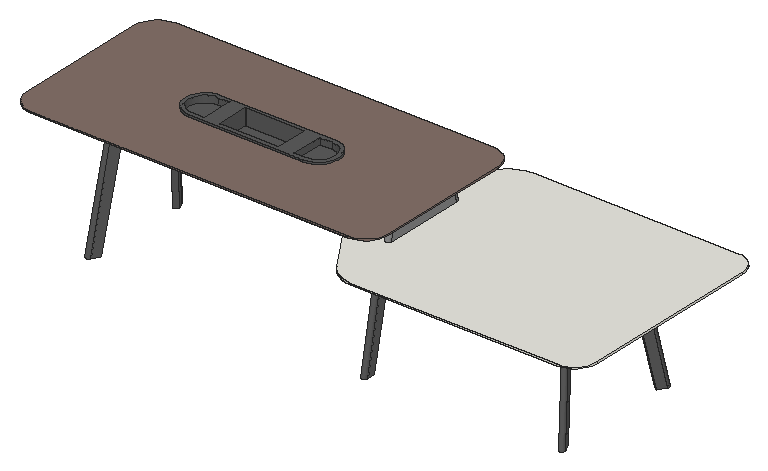
Revit family "Haworth_Immerse_ShiftTable_RectangleRectangle", category Furniture Systems, Revit 2018
Family settings
  Round Connector Dimension = Use Diameter
  Part Type = Normal
  OmniClass Number = 23.40.70.14.64.21
  OmniClass Title = Systems Furniture
  Work Plane-Based = No
  Always vertical = Yes
  Cut with Voids When Loaded = No
  Shared = No
  Room Calculation Point = No
Parameters (values of type "60d 84w 48d 96w 29h - Oblong Planter")
  Warranty = "http://www.haworth.com/resources/product-info/warranties"
  Void Baseline Height = 18"  # constant formula
  Upper Top Finish [instance] = Haworth _ Wood _ Walnut
  Understructure Finish [instance] = Haworth _ Paint _ Black
  URL - Product = "http://www.haworth.com/products/tables/collaborative/immerse"
  Standard Size = "60d 84w, 48d 96w"  # constant formula
  Standard Height = "29, 36 in"  # constant formula
  Stack Spacer Finish [instance] = Haworth _ Paint _ Graphite
  Size = "Verify Final Dim. w/ Haworth"  # constant formula
  Planter Finish [instance] = Haworth _ Paint _ Black
  Oblong Planter Void Height = if(Oblong Planter, 22", 6")  # 22"
  Oblong Planter = yes
  Model = "THRR-60F6"  # constant formula
  URL = "https://www.haworth.com/na/en.html"
  Revision Number = "1"  # constant formula
  Manufacturer = "Haworth"  # constant formula
  Lower Top Finish [instance] = Haworth _ Paint _ Polar
  Leg Finish [instance] = Haworth _ Wood _ Ink On Ash
  Description = "Haworth Immerse Shift Table Rectangle Rectangle - 60d 84w 48d 96w 29h - Oblong Planter"
  Author = "Haworth (Bentzen)"  # constant formula
  Assembly Code = "E2020200"
  Actual Width = 156"  # constant formula
  Actual Height = 29"  # constant formula
  Actual Depth = 60"  # constant formula
Types (3): name | Oblong Planter Void Height | Oblong Planter | Description
  (no name) | 22" | yes | "Haworth Immerse Shift Table Rectangle Rectangle - 60d 84w 48d 96w 29h - Oblong Planter"
  60d 84w 48d 96w 29h - No Planter | 6" | no | "Haworth Immerse Shift Table Rectangle Rectangle - 60d 84w 48d 96w 29h - No Planter"
  60d 84w 48d 96w 29h - Oblong Planter | 22" | yes | "Haworth Immerse Shift Table Rectangle Rectangle - 60d 84w 48d 96w 29h - Oblong Planter"
Reference planes (in)
  plane 1 "Center F/B": y = 18.84134
  plane 2 "Floor": z = 0
  plane 3 "Center L/R": x = -31.5
  plane 4 "Table Edge Left": x = -109.5
  plane 5 "Table Edge Right": x = 46.5
  plane 6 "Table Edge Front": y = -11.15866
  plane 7 "Table Edge Back": y = 48.84134
  plane 8 "Round Top": z = 29
  plane 9 "Rect Back": y = 42.84134
  plane 10 "Rect Front": y = -5.15866
  plane 11 "Rect Left": x = -13.5
  plane 12 "Rect Top": z = 35.751
  plane 13 "Rect Mid": z = 35.41808
  plane 14 "Rect Bottom": z = 34.571
  plane 15 "Round Center": x = -1.5
  plane 16 "Lower Void Top": z = 40
  plane 17 "Void Bottom": z = 18
  plane 18 "Upper Void Top": z = 42
  plane 19 "Oblong Mid": x = -61.52883
  plane 20: y = 40.84134
  plane 21: y = -3.15866
  plane 22: x = -107.5
  plane 23: x = -15.5
  plane 24: x = -29.5
  plane 25: through (-30.18646, 30.57087, 48) normal (-0.8358, 0.549, 0)
  plane 26: through (-70.34093, -34.2013, 48) normal (-0.8358, 0.549, 0)
  plane 27: through (-30.18646, 7.11182, 48) normal (0.8358, 0.549, 0)
  plane 28: through (-70.34093, 71.88399, 48) normal (0.8358, 0.549, 0)
  plane 29: y = 46.84134
  plane 30: y = -9.15866
  plane 31: x = 44.5
  plane 32: x = 40.5
  plane 33: x = -92.22396
  plane 34: x = -90.684
  plane 35: x = -22.58528
  plane 36: x = -21.39764
  plane 37: x = -20.29496
  plane 38: x = -18.50645
  plane 39: x = 27.054
  plane 40: x = 28.59396
  plane 41: through (26.98937, 29.27058, 48) normal (0.5, 0.866, 0)
  plane 42: through (26.98937, 8.4121, 48) normal (-0.5, 0.866, 0)
  plane 43: through (-91.9616, 25.8355, 48) normal (-0.5, 0.866, 0)
  plane 44: through (-91.9616, 11.84718, 48) normal (0.5, 0.866, 0)
  plane 45: y = 29.42298
  plane 46: y = 27.88302
  plane 47: y = 8.2597
  plane 48: y = 9.79966
  plane 49: y = 26.76666
  plane 50: y = 25.10434
  plane 51: y = 10.91603
  plane 52: y = 12.57834
  plane 53: through (-97.92758, 35.70661, 48) normal (0.866, 0.5, 0)
  plane 54: through (-96.19737, 36.70555, 48) normal (0.8642, 0.5032, 0)
  plane 55: through (-97.92758, 1.97607, 48) normal (-0.866, 0.5, 0)
  plane 56: through (-96.19737, 0.97713, 48) normal (-0.8642, 0.5032, 0)
  plane 57: through (31.57814, 37.65066, 48) normal (0.8637, -0.504, 0)
  plane 58: through (33.19737, 36.70555, 48) normal (0.8642, -0.5032, 0)
  plane 59: through (34.92758, 1.97607, 48) normal (-0.866, -0.5, 0)
  plane 60: through (33.19737, 0.97713, 48) normal (-0.8642, -0.5032, 0)
  plane 61: through (-90.77122, 26.81144, 48) normal (0.5, -0.866, 0)
  plane 62: through (-90.77122, 10.87124, 48) normal (-0.5, -0.866, 0)
  plane 63: z = 31.82097
  plane 64: z = 29
  plane 65: z = 28.66709
  plane 66: z = 27.82
  plane 67: z = 25.56798
Forms (in)
  Extrusion 1, solid, material "Haworth _ Wood _ Walnut" <- "Upper Top Finish"
    sketch origin (0, 0, 37.5) x (-1, 0, 0) y (0, -1, 0)
      loop
        line (19.5, -42.84134) -> (103.5, -42.84134)
        arc (103.5, -42.84134) -> (107.74264, -41.08398) -> (109.5, -36.84134) r 6
        line (109.5, -36.84134) -> (109.5, -0.84134)
        arc (109.5, -0.84134) -> (107.74264, 3.4013) -> (103.5, 5.15866) r 6
        line (103.5, 5.15866) -> (19.5, 5.15866)
        arc (19.5, 5.15866) -> (15.25736, 3.4013) -> (13.5, -0.84134) r 6
        line (13.5, -0.84134) -> (13.5, -18.84134) -> (13.5, -36.84134)
        arc (13.5, -36.84134) -> (15.25736, -41.08398) -> (19.5, -42.84134) r 6
    from -2.08192 to -1.749
  Blend 2, solid, material "Haworth _ Wood _ Walnut" <- "Upper Top Finish"
    base sketch origin (0, 0, 35.41808) x (0, -1, 0) y (1, 0, 0)
      loop
        arc (-40.84134, -103.5) -> (-39.66977, -106.32843) -> (-36.84134, -107.5) r 4
        line (-36.84134, -107.5) -> (-0.84134, -107.5)
        arc (-0.84134, -107.5) -> (1.98709, -106.32843) -> (3.15866, -103.5) r 4
        line (3.15866, -103.5) -> (3.15866, -19.5)
        arc (3.15866, -19.5) -> (1.98709, -16.67157) -> (-0.84134, -15.5) r 4
        line (-0.84134, -15.5) -> (-36.84134, -15.5)
        arc (-36.84134, -15.5) -> (-39.66977, -16.67157) -> (-40.84134, -19.5) r 4
        line (-40.84134, -19.5) -> (-40.84134, -103.5)
    top sketch origin (0, 0, 35.41808) x (0, -1, 0) y (1, 0, 0)
      loop
        line (-42.84134, -19.5) -> (-42.84134, -103.5)
        arc (-42.84134, -103.5) -> (-41.08398, -107.74264) -> (-36.84134, -109.5) r 6
        line (-36.84134, -109.5) -> (-0.84134, -109.5)
        arc (-0.84134, -109.5) -> (3.4013, -107.74264) -> (5.15866, -103.5) r 6
        line (5.15866, -103.5) -> (5.15866, -19.5)
        arc (5.15866, -19.5) -> (3.4013, -15.25736) -> (-0.84134, -13.5) r 6
        line (-0.84134, -13.5) -> (-18.84134, -13.5) -> (-36.84134, -13.5)
        arc (-36.84134, -13.5) -> (-41.08398, -15.25736) -> (-42.84134, -19.5) r 6
    from -0.84708 to 0
  Extrusion 3, solid, material "Haworth _ Paint _ Polar" <- "Lower Top Finish"
    sketch origin (0, 0, 35.41808) x (0, -1, 0) y (1, 0, 0)
      loop
        arc (-48.84134, -13.86844) -> (-47.88185, -17.66728) -> (-45.23353, -20.55489) r 7.99999
        line (-45.23353, -20.55489) -> (-30.57087, -30.18646)
        arc (-30.57087, -30.18646) -> (-28.47088, -31.16458) -> (-26.17868, -31.5) r 8
        line (-26.17868, -31.5) -> (-11.504, -31.5)
        arc (-11.504, -31.5) -> (-9.2118, -31.16458) -> (-7.11182, -30.18646) r 8
        line (-7.11182, -30.18646) -> (7.55085, -20.55489)
        arc (7.55085, -20.55489) -> (10.19917, -17.66728) -> (11.15866, -13.86844) r 7.99999
        line (11.15866, -13.86844) -> (11.15866, 40.5)
        arc (11.15866, 40.5) -> (9.4013, 44.74264) -> (5.15866, 46.5) r 6
        line (5.15866, 46.5) -> (-42.84134, 46.5)
        arc (-42.84134, 46.5) -> (-47.08398, 44.74264) -> (-48.84134, 40.5) r 6
        line (-48.84134, 40.5) -> (-48.84134, -13.86844)
    from -6.751 to -6.41808
  Blend 4, solid, material "Haworth _ Paint _ Polar" <- "Lower Top Finish"
    base sketch origin (0, 0, 35.87445) x (0, -1, 0) y (1, 0, 0)
      loop
        arc (-46.84134, -13.88642) -> (-46.01758, -16.92065) -> (-43.77248, -19.12172) r 5.99999
        line (-43.77248, -19.12172) -> (-29.47282, -28.51484)
        arc (-29.47282, -28.51484) -> (-27.89783, -29.24844) -> (-26.17868, -29.5) r 6
        line (-26.17868, -29.5) -> (-11.504, -29.5)
        arc (-11.504, -29.5) -> (-9.78485, -29.24844) -> (-8.20986, -28.51484) r 6
        line (-8.20986, -28.51484) -> (6.0898, -19.12172)
        arc (6.0898, -19.12172) -> (8.3349, -16.92065) -> (9.15866, -13.88642) r 5.99999
        line (9.15866, -13.88642) -> (9.15866, 40.5)
        arc (9.15866, 40.5) -> (7.98709, 43.32843) -> (5.15866, 44.5) r 4
        line (5.15866, 44.5) -> (-42.84134, 44.5)
        arc (-42.84134, 44.5) -> (-45.66977, 43.32843) -> (-46.84134, 40.5) r 4
        line (-46.84134, 40.5) -> (-46.84134, -13.88642)
    top sketch origin (0, 0, 35.87445) x (0, -1, 0) y (1, 0, 0)
      loop
        line (-48.84134, 40.5) -> (-48.84134, -13.86844)
        arc (-48.84134, -13.86844) -> (-47.88185, -17.66728) -> (-45.23353, -20.55489) r 7.99999
        line (-45.23353, -20.55489) -> (-30.57087, -30.18646)
        arc (-30.57087, -30.18646) -> (-28.47088, -31.16458) -> (-26.17868, -31.5) r 8
        line (-26.17868, -31.5) -> (-11.504, -31.5)
        arc (-11.504, -31.5) -> (-9.2118, -31.16458) -> (-7.11182, -30.18646) r 8
        line (-7.11182, -30.18646) -> (7.55085, -20.55489)
        arc (7.55085, -20.55489) -> (10.19917, -17.66728) -> (11.15866, -13.86844) r 7.99999
        line (11.15866, -13.86844) -> (11.15866, 40.5)
        arc (11.15866, 40.5) -> (9.4013, 44.74264) -> (5.15866, 46.5) r 6
        line (5.15866, 46.5) -> (-42.84134, 46.5)
        arc (-42.84134, 46.5) -> (-47.08398, 44.74264) -> (-48.84134, 40.5) r 6
    from -8.05445 to -7.20736
  Extrusion 5, solid, material "Haworth _ Paint _ Black" <- "Understructure Finish"
    sketch origin (-44.27573, 18.84134, 0) x (1, 0, 0) y (0, 0, 1)
      loop
        line (-46.40828, 34.571) -> (-47.94823, 34.571) -> (-47.94823, 32.02353) -> (-46.40828, 32.02353) -> (-46.40828, 34.571)
    from -7.92532 to 7.92532
  Blend 6, solid, material "Haworth _ Wood _ Ink On Ash" <- "Leg Finish"
    base sketch origin (-77.66069, 46.98633, 35.87445) x (-0.5, 0.866025, 0) y (-0.866025, -0.5, 0)
      loop
        line (-4.90286, 22.96047) -> (-4.90286, 21.41047) -> (-2.64952, 21.41047)
        arc (-2.64952, 21.41047) -> (-1.87452, 22.18547) -> (-2.64952, 22.96047) r 0.775
        line (-2.64952, 22.96047) -> (-4.90286, 22.96047)
    top sketch origin (-77.66069, 46.98633, 35.87445) x (-0.5, 0.866025, 0) y (-0.866025, -0.5, 0)
      loop
        line (-10.91669, 22.96052) -> (-10.91669, 21.41042) -> (-8.31345, 21.41042)
        arc (-8.31345, 21.41042) -> (-7.5384, 22.18547) -> (-8.31345, 22.96052) r 0.77505
        line (-8.31345, 22.96052) -> (-10.91669, 22.96052)
    from -35.87445 to -1.30345
  Blend 7, solid, material "Haworth _ Paint _ Graphite" <- "Stack Spacer Finish"
    base sketch origin (2.88041, 0, 35.87445) x (0, -1, 0) y (1, 0, 0)
      loop
        line (-29.60909, -22.93693) -> (-8.07359, -22.93693)
        arc (-8.07359, -22.93693) -> (-7.29856, -22.16189) -> (-8.07359, -21.38686) r 0.77503
        line (-8.07359, -21.38686) -> (-29.60909, -21.38686)
        arc (-29.60909, -21.38686) -> (-30.38413, -22.16189) -> (-29.60909, -22.93693) r 0.77503
    top sketch origin (2.88041, 0, 35.87445) x (0, -1, 0) y (1, 0, 0)
      loop
        line (-28.279, -22.93693) -> (-9.40368, -22.93693)
        arc (-9.40368, -22.93693) -> (-8.62865, -22.16189) -> (-9.40368, -21.38686) r 0.77503
        line (-9.40368, -21.38686) -> (-28.279, -21.38686)
        arc (-28.279, -21.38686) -> (-29.05403, -22.16189) -> (-28.279, -22.93693) r 0.77503
    from -6.87445 to -1.30345
  Extrusion 8, solid, material "Haworth _ Paint _ Black" <- "Understructure Finish"
    sketch origin (-159.39858, 18.84134, 6.18805) x (1, 0, 0) y (0, 0, 1)
      loop
        line (186.45258, 19.37993) -> (186.45258, 21.63195) -> (140.89213, 21.63195) -> (140.89213, 19.37993) -> (186.45258, 19.37993)
    from 9.04168 to 10.58164
  Extrusion 9, solid, material "Haworth _ Paint _ Black" <- "Understructure Finish"
    sketch origin (-10.1209, 22.92602, 1.68807) x (1, 0, 0) y (0, 0, -1)
      loop
        line (-10.17406, -32.88293) -> (-10.17406, -30.1329) -> (-80.5631, -30.1329) -> (-80.5631, -32.88293) -> (-10.17406, -32.88293)
    from 2.17832 to 3.84063
  Extrusion 10, void
    sketch origin (0, 0, 18) x (-1, 0, 0) y (0, -1, 0)
      loop
        arc (76.59, -23.75316) -> (81.4, -18.94316) -> (76.59, -14.13316) r 4.81
        line (76.59, -14.13316) -> (46.20233, -14.13316)
        arc (46.20233, -14.13316) -> (41.39233, -18.94316) -> (46.20233, -23.75316) r 4.81
        line (46.20233, -23.75316) -> (76.59, -23.75316)
    from 0 to 22
  Extrusion 11, solid, material "Haworth _ Paint _ Black" <- "Understructure Finish"
    sketch origin (21.5635, 14.23741, 0) x (1, 0, 0) y (0, 0, 1)
      loop
        line (-40.06995, 27.82) -> (-41.85846, 27.82) -> (-41.85846, 25.56798) -> (-40.06995, 25.56798) -> (-40.06995, 27.82)
    from -15.18557 to 5.97771
  Extrusion 12, solid, material "Haworth _ Paint _ Black" <- "Understructure Finish"
    sketch origin (61.34438, 18.41855, 0) x (1, 0, 0) y (0, 0, 1)
      loop
        line (-32.75042, 27.82) -> (-34.29038, 27.82) -> (-34.29038, 25.56798) -> (-32.75042, 25.56798) -> (-32.75042, 27.82)
    from -11.00443 to 10.15885
  Extrusion 13, solid, material "Haworth _ Paint _ Black" <- "Understructure Finish"
    sketch origin (-15.07065, 17.97628, 1.68807) x (1, 0, 0) y (0, 0, -1)
      loop
        line (-5.22432, -32.88293) -> (-5.22432, -30.1329) -> (-75.61335, -30.1329) -> (-75.61335, -32.88293) -> (-5.22432, -32.88293)
    from -7.06025 to -5.39793
  Blend 14, solid, material "Haworth _ Wood _ Ink On Ash" <- "Leg Finish"
    base sketch origin (-77.66068, -9.30364, 35.87445) x (-0.5, -0.866025, 0) y (0.866025, -0.5, 0)
      loop
        line (-4.90286, -22.96047) -> (-2.64952, -22.96047)
        arc (-2.64952, -22.96047) -> (-1.87452, -22.18547) -> (-2.64952, -21.41047) r 0.775
        line (-2.64952, -21.41047) -> (-4.90286, -21.41047) -> (-4.90286, -22.96047)
    top sketch origin (-77.66068, -9.30364, 35.87445) x (-0.5, -0.866025, 0) y (0.866025, -0.5, 0)
      loop
        line (-10.91669, -22.96052) -> (-8.31345, -22.96052)
        arc (-8.31345, -22.96052) -> (-7.5384, -22.18547) -> (-8.31345, -21.41042) r 0.77505
        line (-8.31345, -21.41042) -> (-10.91669, -21.41042) -> (-10.91669, -22.96052)
    from -35.87445 to -1.30345
  Blend 15, solid, material "Haworth _ Wood _ Ink On Ash" <- "Leg Finish"
    base sketch origin (52.33202, 27.2445, 35.87445) x (0.5, 0.866025, 0) y (-0.866025, 0.5, 0)
      loop
        line (-4.90286, 22.96047) -> (-4.90286, 21.41047) -> (-2.64952, 21.41047)
        arc (-2.64952, 21.41047) -> (-1.87452, 22.18547) -> (-2.64952, 22.96047) r 0.775
        line (-2.64952, 22.96047) -> (-4.90286, 22.96047)
    top sketch origin (52.33202, 27.2445, 35.87445) x (0.5, 0.866025, 0) y (-0.866025, 0.5, 0)
      loop
        line (-10.91669, 22.96052) -> (-10.91669, 21.41042) -> (-8.31345, 21.41042)
        arc (-8.31345, 21.41042) -> (-7.53841, 22.18547) -> (-8.31345, 22.96052) r 0.77505
        line (-8.31345, 22.96052) -> (-10.91669, 22.96052)
    from -35.87445 to -8.05445
  Blend 16, solid, material "Haworth _ Wood _ Ink On Ash" <- "Leg Finish"
    base sketch origin (52.3321, 10.43824, 35.87445) x (0.5, -0.866025, 0) y (0.866025, 0.5, 0)
      loop
        line (-4.90286, -22.96047) -> (-2.64952, -22.96047)
        arc (-2.64952, -22.96047) -> (-1.87452, -22.18547) -> (-2.64952, -21.41047) r 0.775
        line (-2.64952, -21.41047) -> (-4.90286, -21.41047) -> (-4.90286, -22.96047)
    top sketch origin (52.3321, 10.43824, 35.87445) x (0.5, -0.866025, 0) y (0.866025, 0.5, 0)
      loop
        line (-10.91669, -22.96052) -> (-8.31345, -22.96052)
        arc (-8.31345, -22.96052) -> (-7.5384, -22.18547) -> (-8.31345, -21.41042) r 0.77505
        line (-8.31345, -21.41042) -> (-10.91669, -21.41042) -> (-10.91669, -22.96052)
    from -35.87445 to -8.05445
  Blend 17, solid, material "Haworth _ Wood _ Ink On Ash" <- "Leg Finish"
    base sketch origin (2.92058, -2.65699, 35.87445) x (0, -1, 0) y (1, 0, 0)
      loop
        line (-4.90286, -22.96047) -> (-2.64952, -22.96047)
        arc (-2.64952, -22.96047) -> (-1.87452, -22.18547) -> (-2.64952, -21.41047) r 0.775
        line (-2.64952, -21.41047) -> (-4.90286, -21.41047) -> (-4.90286, -22.96047)
    top sketch origin (2.92058, -2.65699, 35.87445) x (0, -1, 0) y (1, 0, 0)
      loop
        line (-10.91669, -22.96052) -> (-8.31345, -22.96052)
        arc (-8.31345, -22.96052) -> (-7.5384, -22.18547) -> (-8.31345, -21.41042) r 0.77505
        line (-8.31345, -21.41042) -> (-10.91669, -21.41042) -> (-10.91669, -22.96052)
    from -35.87445 to -8.05445
  Blend 18, solid, material "Haworth _ Wood _ Ink On Ash" <- "Leg Finish"
    base sketch origin (2.92058, 40.33967, 35.87445) x (0, 1, 0) y (-1, 0, 0)
      loop
        line (-4.90286, 22.96047) -> (-4.90286, 21.41047) -> (-2.64952, 21.41047)
        arc (-2.64952, 21.41047) -> (-1.87452, 22.18547) -> (-2.64952, 22.96047) r 0.775
        line (-2.64952, 22.96047) -> (-4.90286, 22.96047)
    top sketch origin (2.92058, 40.33967, 35.87445) x (0, 1, 0) y (-1, 0, 0)
      loop
        line (-10.91669, 22.96052) -> (-10.91669, 21.41042) -> (-8.31345, 21.41042)
        arc (-8.31345, 21.41042) -> (-7.5384, 22.18547) -> (-8.31345, 22.96052) r 0.77505
        line (-8.31345, 22.96052) -> (-10.91669, 22.96052)
    from -35.87445 to -8.05445
  Extrusion 19, solid, material "Haworth _ Paint _ Black" <- "Understructure Finish"
    sketch origin (-141.39858, 18.84134, 6.18805) x (1, 0, 0) y (0, 0, 1)
      loop
        line (169.99254, 19.37993) -> (169.99254, 21.63195) -> (122.89213, 21.63195) -> (122.89213, 19.37993) -> (169.99254, 19.37993)
    from -10.58164 to -9.04168
Cuts and joins
  Extrusion 10 cuts Extrusion 1
  Extrusion 10 cuts Blend 2
Lines and regions (in)
  Masking region 1
    outline origin (-13.30952, 24, 0) x (1, 0, 0) y (0, 1, 0)
      loop
        arc (-96.19048, -23.15866) -> (-94.43312, -27.4013) -> (-90.19048, -29.15866) r 6
        line (-90.19048, -29.15866) -> (-8.81674, -29.15866) -> (-7.24537, -31.55085)
        arc (-7.24537, -31.55085) -> (-4.15242, -34.20438) -> (-0.19048, -35.15866) r 8.70164
        line (-0.19048, -35.15866) -> (53.80952, -35.15866)
        arc (53.80952, -35.15866) -> (58.05216, -33.4013) -> (59.80952, -29.15866) r 6
        line (59.80952, -29.15866) -> (59.80952, 18.84134)
        arc (59.80952, 18.84134) -> (58.05216, 23.08398) -> (53.80952, 24.84134) r 6
        line (53.80952, 24.84134) -> (-0.19048, 24.84134)
        arc (-0.19048, 24.84134) -> (-4.15242, 23.88706) -> (-7.24537, 21.23353) r 8.70164
        line (-7.24537, 21.23353) -> (-8.81674, 18.84134) -> (-90.19048, 18.84134)
        arc (-90.19048, 18.84134) -> (-94.43312, 17.08398) -> (-96.19048, 12.84134) r 6
        line (-96.19048, 12.84134) -> (-96.19048, -23.15866)
  symbolic lines, style "Haworth Hidden", detail levels fine
    curve 1: line (-90.70947, 26.76666, 0) -> (-20.29496, 26.76666, 0)
    curve 2: line (-20.29496, 26.76666, 0) -> (-20.29496, 29.42298, 0)
    curve 3: line (-20.29496, 29.42298, 0) -> (-20.03994, 29.42298, 0)
    curve 4: line (-20.03994, 29.42298, 0) -> (-20.03994, 37.72501, 0)
    curve 5: line (-18.50645, 37.72501, 0) -> (-18.50645, 29.42298, 0)
    curve 6: line (-18.50645, 29.42298, 0) -> (27.07725, 29.42298, 0)
    curve 7: line (27.07725, 29.42298, 0) -> (31.12291, 36.43019, 0)
    curve 8: line (32.46525, 35.65518, 0) -> (28.59021, 28.9435, 0)
    curve 9: line (28.59021, 28.9435, 0) -> (28.59021, 8.73918, 0)
    curve 10: line (-94.87793, 33.98654, 0) -> (-90.70947, 26.76666, 0)
    curve 11: line (-96.22027, 33.21153, 0) -> (-92.22023, 26.28335, 0)
    curve 12: line (-92.22023, 26.28335, 0) -> (-92.22023, 11.39933, 0)
    curve 13: arc (-96.22027, 33.21153, 0) -> (-95.93661, 34.2702, 0) -> (-94.87793, 33.98654, 0) r 0.775
    curve 14: arc (-20.03994, 37.72501, 0) -> (-19.27319, 38.49175, 0) -> (-18.50645, 37.72501, 0) r 0.76675
    curve 15: arc (31.12291, 36.43019, 0) -> (32.18159, 36.71385, 0) -> (32.46525, 35.65518, 0) r 0.775
    curve 16: line (-90.70947, 10.91603, 0) -> (-20.29496, 10.91603, 0)
    curve 17: line (-20.29496, 10.91603, 0) -> (-20.29496, 8.2597, 0)
    curve 18: line (-20.29496, 8.2597, 0) -> (-20.03994, 8.2597, 0)
    curve 19: line (-20.03994, 8.2597, 0) -> (-20.03994, -0.04233, 0)
    curve 20: line (-18.50645, -0.04233, 0) -> (-18.50645, 8.2597, 0)
    curve 21: line (-18.50645, 8.2597, 0) -> (27.07725, 8.2597, 0)
    curve 22: line (27.07725, 8.2597, 0) -> (31.12291, 1.2525, 0)
    curve 23: line (32.46525, 2.0275, 0) -> (28.59021, 8.73918, 0)
    curve 24: line (-94.87793, 3.69615, 0) -> (-90.70947, 10.91603, 0)
    curve 25: line (-96.22027, 4.47115, 0) -> (-92.22023, 11.39933, 0)
    curve 26: arc (-96.22027, 4.47115, 0) -> (-95.93661, 3.41248, 0) -> (-94.87793, 3.69615, 0) r 0.775
    curve 27: arc (-20.03994, -0.04233, 0) -> (-19.27319, -0.80907, 0) -> (-18.50645, -0.04233, 0) r 0.76675
    curve 28: arc (31.12291, 1.2525, 0) -> (32.18159, 0.96883, 0) -> (32.46525, 2.0275, 0) r 0.775
    curve 29: line (-90.684, 12.57834, 0) -> (-90.684, 25.10434, 0)
    curve 30: line (-90.684, 25.10434, 0) -> (-20.29496, 25.10434, 0)
    curve 31: line (-20.29496, 12.57834, 0) -> (-90.684, 12.57834, 0)
    curve 32: line (-18.50645, 9.79966, 0) -> (-18.50645, 27.88302, 0)
    curve 33: line (-18.50645, 27.88302, 0) -> (27.054, 27.88302, 0)
    curve 34: line (27.054, 27.88302, 0) -> (27.054, 9.79966, 0)
    curve 35: line (27.054, 9.79966, 0) -> (-18.24934, 9.79966, 0)
    curve 36: line (-20.29496, 25.10434, 0) -> (-20.29496, 12.57834, 0)
  symbolic lines, style "Haworth Hidden"
    curve 37: line (-30.17809, 30.58363, 0) -> (-22.12626, 42.84134, 0)
    curve 38: line (-31.5, 26.5282, 0) -> (-31.5, 11.504, 0)
    curve 39: arc (-30.17809, 30.58363, 0) -> (-31.11043, 28.64438, 0) -> (-31.5, 26.5282, 0) r 8.11023
    curve 40: line (-30.17809, 7.09905, 0) -> (-22.12626, -5.15866, 0)
    curve 41: arc (-30.17809, 7.09905, 0) -> (-31.11043, 9.0383, 0) -> (-31.5, 11.15448, 0) r 8.11023
  symbolic lines, style "Haworth"
    curve 42: line (-22.12626, 42.84134, 0) -> (-19.5, 42.84134, 0)
    curve 43: arc (-19.5, 42.84134, 0) -> (-15.25736, 41.08398, 0) -> (-13.5, 36.84134, 0) r 6
    curve 44: line (-13.5, 36.84134, 0) -> (-13.5, 0.84134, 0)
    curve 45: line (-22.12626, -5.15866, 0) -> (-19.5, -5.15866, 0)
    curve 46: arc (-19.5, -5.15866, 0) -> (-15.25736, -3.4013, 0) -> (-13.5, 0.84134, 0) r 6
  symbolic lines, style "Haworth", visible <- "Oblong Planter"
    curve 47: line (-46.44554, 24.10434, 0) -> (-76.59, 24.10434, 0)
    curve 49: line (-76.59, 13.57834, 0) -> (-46.44554, 13.57834, 0)
    curve 50: arc (-46.44554, 13.57834, 0) -> (-41.18254, 18.84134, 0) -> (-46.44554, 24.10434, 0) r 5.263
  symbolic lines, style "Haworth", visible <- "Oblong Planter", detail levels fine
    curve 48: arc (-76.59, 24.10434, 0) -> (-81.853, 18.84134, 0) -> (-76.59, 13.57834, 0) r 5.263
Dimensions and locks (in)
  "Actual Depth": plane 7 "Table Edge Back" to plane 6 "Table Edge Front"
  "Actual Width": plane 4 "Table Edge Left" to plane 5 "Table Edge Right"
  equal spacing: plane 7 "Table Edge Back", plane 1 "Center F/B", plane 6 "Table Edge Front"
  "Void Baseline Height": plane 17 "Void Bottom" to plane 2 "Floor"
  "Oblong Planter Void Height": plane 16 "Lower Void Top" to plane 17 "Void Bottom"
  locked: plane 9 "Rect Back" to plane 20 at 2
  locked: plane 10 "Rect Front" to plane 21 at 2
  locked: plane 4 "Table Edge Left" to plane 22 at 2
  locked: plane 27 to plane 28 at 2
  locked: plane 7 "Table Edge Back" to plane 29 at 2
  locked: plane 30 to plane 6 "Table Edge Front" at 2
  locked: plane 23 to plane 11 "Rect Left" at 2
  locked: plane 25 to plane 26 at 2
  locked: plane 31 to plane 5 "Table Edge Right" at 2
  plane 35 to plane 36 = 1.18764"
  plane 37 to plane 38 = 1.78852"
  equal spacing: plane 4 "Table Edge Left", plane 3 "Center L/R", plane 5 "Table Edge Right"
  plane 3 "Center L/R" to plane 5 "Table Edge Right" = 78"
  "Actual Height": plane 64 to level
  plane 12 "Rect Top" to plane 13 "Rect Mid" to plane 14 "Rect Bottom" to plane 63 to plane 64 to plane 65 to plane 66 = 0.33292" locked, 0.84708" locked, 2.75003" locked, 2.82097" locked, 0.33291" locked, 0.84709" locked
  aligned and locked: plane 13 "Rect Mid" to Extrusion 1
  aligned and locked: plane 14 "Rect Bottom" to Blend 2
  aligned and locked: Blend 2 to plane 13 "Rect Mid"
  aligned and locked: Extrusion 10 to plane 17 "Void Bottom"
  aligned and locked: plane 16 "Lower Void Top" to Extrusion 10
  aligned and locked: nested 5 to plane 1 "Center F/B"
  aligned and locked: plane 19 "Oblong Mid" to nested 5
  aligned and locked: plane 9 "Rect Back" to cut or joined group of Extrusion 1, Extrusion 10  (x2)
  aligned and locked: plane 20 to cut or joined group of Blend 2, Extrusion 10
  aligned and locked: cut or joined group of Extrusion 1, Extrusion 10 to plane 4 "Table Edge Left"  (x2)
  aligned and locked: plane 10 "Rect Front" to cut or joined group of Extrusion 1, Extrusion 10  (x2)
  aligned and locked: plane 11 "Rect Left" to cut or joined group of Extrusion 1, Extrusion 10
  aligned and locked: cut or joined group of Blend 2, Extrusion 10 to plane 23
  aligned and locked: Extrusion 5 to plane 34
  aligned and locked: plane 33 to Extrusion 5
  aligned and locked: plane 37 to Extrusion 11
  aligned and locked: Extrusion 11 to plane 38
  aligned and locked: Extrusion 12 to plane 39
  aligned and locked: plane 40 to Extrusion 12
  aligned and locked: plane 50 to Extrusion 9
  aligned and locked: plane 34 to Extrusion 9
  aligned and locked: Extrusion 9 to plane 49
  aligned and locked: Extrusion 13 to plane 51
  aligned and locked: plane 52 to Extrusion 13
  aligned and locked: plane 34 to Extrusion 13
  aligned and locked: plane 43 to nested 2
  aligned and locked: plane 53 to nested 2
  aligned and locked: plane 61 to Blend 6
  aligned and locked: nested 1 to plane 44
  aligned and locked: nested 1 to plane 55
  aligned and locked: plane 62 to Blend 14
  aligned and locked: Extrusion 5 to plane 49
  aligned and locked: Extrusion 5 to plane 51
  aligned and locked: nested 4 to plane 41
  aligned and locked: Blend 15 to plane 41
  aligned and locked: plane 42 to nested 3
  aligned and locked: plane 45 to Extrusion 12
  aligned and locked: plane 47 to Extrusion 12
  aligned and locked: nested 6 to plane 45
  aligned and locked: plane 37 to nested 6
  aligned and locked: nested 7 to plane 47
  aligned and locked: nested 7 to plane 37
  aligned and locked: plane 47 to Blend 17
  aligned and locked: cut or joined group of Extrusion 1, Extrusion 10 to plane 12 "Rect Top"
  aligned and locked: plane 14 "Rect Bottom" to nested 2
  aligned and locked: Blend 14 to plane 14 "Rect Bottom"
  aligned and locked: Blend 6 to plane 14 "Rect Bottom"
  aligned and locked: plane 12 "Rect Top" to nested 5
  aligned and locked: plane 63 to Extrusion 13
  aligned and locked: plane 63 to Extrusion 9
  aligned and locked: Extrusion 13 to plane 14 "Rect Bottom"
  aligned and locked: Extrusion 9 to plane 14 "Rect Bottom"
  aligned and locked: plane 66 to Extrusion 11
  aligned and locked: Extrusion 11 to plane 67
  aligned and locked: Blend 7 to plane 38
  aligned and locked: nested 7 to plane 66
  aligned and locked: plane 66 to nested 6
  aligned and locked: plane 45 to Extrusion 11
  aligned and locked: Extrusion 11 to plane 47
  aligned and locked: nested 3 to plane 66
  aligned and locked: plane 66 to nested 4
  aligned and locked: Extrusion 12 to plane 67
  aligned and locked: plane 66 to Extrusion 12
  aligned and locked: Extrusion 13 to plane 37
  aligned and locked: Extrusion 9 to plane 37
  aligned and locked: Extrusion 8 to plane 67
  aligned and locked: plane 66 to Extrusion 8
  aligned and locked: plane 39 to Extrusion 8
  aligned and locked: plane 38 to Extrusion 8
  aligned and locked: Extrusion 8 to plane 47
  aligned and locked: Extrusion 8 to plane 48
  aligned and locked: plane 45 to Extrusion 19
  aligned and locked: Extrusion 19 to plane 46
  aligned and locked: plane 38 to Extrusion 19
  aligned and locked: plane 40 to Extrusion 19
  aligned and locked: plane 49 to curve 1
  aligned and locked: Masking region 1 to plane 4 "Table Edge Left"
  aligned and locked: plane 6 "Table Edge Front" to Masking region 1 sketch curve
  aligned and locked: nested 1 to plane 14 "Rect Bottom"
  aligned and locked: Blend 4 to plane 66
  aligned and locked: plane 65 to Blend 4
  aligned and locked: plane 66 to Blend 16
  aligned and locked: plane 66 to Blend 15
Automatic sketch dimensions
  Blend 15 sketch curve to plane 41 = 6.01383"
  Blend 15 sketch curve to Blend 15 sketch curve = 2.25334"
  Blend 15 sketch curve to plane 55 = 94.53395"
  Blend 15 sketch curve to Blend 15 sketch curve = 0.775"
  plane 41 to Blend 15 sketch curve = 0"
  Blend 15 sketch curve to plane 41 = 2.60324"
  Blend 15 sketch curve to plane 55 = 94.5339"
  Blend 15 sketch curve to Blend 15 sketch curve = 0.77505"
  plane 42 to Blend 16 sketch curve = 6.01383"
  Blend 16 sketch curve to Blend 16 sketch curve = 2.25334"
  plane 59 to Blend 16 sketch curve = 3.65663"
  Blend 16 sketch curve to Blend 16 sketch curve = 0.775"
  plane 42 to Blend 16 sketch curve = 0"
  Blend 16 sketch curve to Blend 16 sketch curve = 2.60324"
  plane 59 to Blend 16 sketch curve = 3.65668"
  Blend 16 sketch curve to Blend 16 sketch curve = 0.77505"
  Extrusion 1 sketch curve to plane 11 "Rect Left" = 0"
  plane 10 "Rect Front" to Extrusion 1 sketch curve = 0"
  Extrusion 1 sketch curve to plane 9 "Rect Back" = 0"
  Extrusion 1 sketch curve to plane 4 "Table Edge Left" = 0"
  plane 1 "Center F/B" to Extrusion 1 sketch curve = 0"
  Extrusion 1 sketch curve to plane 37 = 0.79496"  (x2)
  plane 20 to Extrusion 1 sketch curve = 4"
  plane 21 to Extrusion 1 sketch curve = 4"
  plane 20 to Blend 2 sketch curve = 0"
  Blend 2 sketch curve to plane 22 = 0"
  Blend 2 sketch curve to plane 23 = 0"
  Blend 2 sketch curve to plane 21 = 0"
  Blend 2 sketch curve to Blend 2 sketch curve = 4"
  Blend 2 sketch curve to plane 37 = 0.79496"  (x4)
  plane 21 to Blend 2 sketch curve = 4"  (x2)
  Blend 2 sketch curve to plane 9 "Rect Back" = 0"
  Blend 2 sketch curve to plane 4 "Table Edge Left" = 0"
  Blend 2 sketch curve to plane 11 "Rect Left" = 0"
  plane 1 "Center F/B" to Blend 2 sketch curve = 0"
  plane 10 "Rect Front" to Blend 2 sketch curve = 0"
  plane 20 to Blend 2 sketch curve = 4"
  Extrusion 3 sketch curve to plane 7 "Table Edge Back" = 0"
  Extrusion 3 sketch curve to plane 25 = 0"  (x2)
  Extrusion 3 sketch curve to plane 5 "Table Edge Right" = 0"
  Extrusion 3 sketch curve to plane 9 "Rect Back" = 0"
  Extrusion 3 sketch curve to plane 3 "Center L/R" = 0"
  plane 27 to Extrusion 3 sketch curve = 0"  (x2)
  plane 10 "Rect Front" to Extrusion 3 sketch curve = 0"
  Extrusion 3 sketch curve to plane 6 "Table Edge Front" = 0"
  Extrusion 3 sketch curve to plane 20 = 0"
  Extrusion 3 sketch curve to plane 24 = 0.68646"  (x2)
  plane 49 to Extrusion 3 sketch curve = 0.58797"
  plane 51 to Extrusion 3 sketch curve = 0.58797"
  Extrusion 3 sketch curve to plane 21 = 0"
  plane 37 to Extrusion 3 sketch curve = 0.25993"  (x3)
  Extrusion 3 sketch curve to Extrusion 3 sketch curve = 0"
  plane 29 to Blend 4 sketch curve = 0"
  Blend 4 sketch curve to plane 26 = 0"  (x2)
  Blend 4 sketch curve to plane 9 "Rect Back" = 0"  (x2)
  Blend 4 sketch curve to plane 24 = 0"
  plane 28 to Blend 4 sketch curve = 0"  (x2)
  plane 10 "Rect Front" to Blend 4 sketch curve = 0"  (x2)
  Blend 4 sketch curve to plane 30 = 0"
  Blend 4 sketch curve to plane 32 = 0"
  plane 38 to Blend 4 sketch curve = 0.61527"  (x2)
  Blend 4 sketch curve to plane 20 = 0"  (x2)
  plane 45 to Blend 4 sketch curve = 0.04984"
  plane 49 to Blend 4 sketch curve = 0.58797"  (x2)
  plane 51 to Blend 4 sketch curve = 0.58797"  (x2)
  plane 47 to Blend 4 sketch curve = 0.04984"
  Blend 4 sketch curve to plane 21 = 0"  (x2)
  Blend 4 sketch curve to plane 7 "Table Edge Back" = 0"
  Blend 4 sketch curve to plane 25 = 0"  (x2)
  Blend 4 sketch curve to plane 3 "Center L/R" = 0"
  plane 27 to Blend 4 sketch curve = 0"  (x2)
  Blend 4 sketch curve to plane 5 "Table Edge Right" = 0"
  Blend 4 sketch curve to plane 6 "Table Edge Front" = 0"
  plane 37 to Blend 4 sketch curve = 0.25993"  (x2)
  Blend 4 sketch curve to plane 24 = 0.68646"  (x2)
  Extrusion 5 sketch curve to plane 14 "Rect Bottom" = 0"
  plane 33 to Extrusion 5 sketch curve = 0"
  plane 34 to Extrusion 5 sketch curve = 0"
  Extrusion 5 sketch curve to plane 63 = 0.20256"
  plane 61 to Blend 6 sketch curve = 6.01383"
  Blend 6 sketch curve to Blend 6 sketch curve = 2.25334"
  Blend 6 sketch curve to plane 53 = 0.23103"
  Blend 6 sketch curve to Blend 6 sketch curve = 0.775"
  plane 61 to Blend 6 sketch curve = 0"
  plane 61 to Blend 6 sketch curve = 2.60324"
  Blend 6 sketch curve to plane 53 = 0.23099"
  Blend 6 sketch curve to Blend 6 sketch curve = 0.77505"
  Blend 7 sketch curve to plane 38 = 0"  (x2)
  plane 45 to Blend 7 sketch curve = 0.18611"
  plane 47 to Blend 7 sketch curve = 0.18611"
  plane 38 to Blend 7 sketch curve = 0.77503"
  Blend 7 sketch curve to plane 37 = 0.23845"
  plane 46 to Blend 7 sketch curve = 0.39598"
  plane 48 to Blend 7 sketch curve = 0.39598"
  plane 38 to Extrusion 8 sketch curve = 0"
  Extrusion 8 sketch curve to plane 39 = 0"
  Extrusion 8 sketch curve to plane 67 = 0"
  Extrusion 8 sketch curve to plane 66 = 0"
  Extrusion 9 sketch curve to plane 14 "Rect Bottom" = 0"
  plane 34 to Extrusion 9 sketch curve = 0"
  plane 37 to Extrusion 9 sketch curve = 0"
  Extrusion 9 sketch curve to plane 63 = 0"
  Masking region 1 sketch curve to plane 4 "Table Edge Left" = 0"
  Masking region 1 sketch curve to plane 9 "Rect Back" = 0"
  plane 10 "Rect Front" to Masking region 1 sketch curve = 0"
  plane 27 to Masking region 1 sketch curve = 0"  (x2)
  Masking region 1 sketch curve to plane 25 = 0"  (x2)
  Masking region 1 sketch curve to plane 11 "Rect Left" = 0"  (x2)
  Masking region 1 sketch curve to plane 7 "Table Edge Back" = 0"
  Masking region 1 sketch curve to plane 32 = 0"  (x2)
  Masking region 1 sketch curve to plane 5 "Table Edge Right" = 0"
  plane 21 to Masking region 1 sketch curve = 4"
  plane 20 to Masking region 1 sketch curve = 4"
  plane 37 to Masking region 1 sketch curve = 0.25993"  (x2)
  plane 50 to Extrusion 10 sketch curve = 1.35118"
  Extrusion 10 sketch curve to plane 3 "Center L/R" = 14.70233"
  plane 52 to Extrusion 10 sketch curve = 1.55482"
  Extrusion 10 sketch curve to plane 34 = 14.094"
  plane 37 to Extrusion 11 sketch curve = 0"
  plane 38 to Extrusion 11 sketch curve = 0"
  Extrusion 11 sketch curve to plane 67 = 0"
  Extrusion 11 sketch curve to plane 66 = 0"
  Extrusion 12 sketch curve to plane 39 = 0"
  Extrusion 12 sketch curve to plane 40 = 0"
  Extrusion 12 sketch curve to plane 67 = 0"
  Extrusion 12 sketch curve to plane 66 = 0"
  Extrusion 13 sketch curve to plane 14 "Rect Bottom" = 0"
  plane 34 to Extrusion 13 sketch curve = 0"
  plane 37 to Extrusion 13 sketch curve = 0"
  Extrusion 13 sketch curve to plane 63 = 0"
  Blend 14 sketch curve to plane 62 = 6.01383"
  Blend 14 sketch curve to Blend 14 sketch curve = 2.25334"
  plane 55 to Blend 14 sketch curve = 0.23103"
  Blend 14 sketch curve to Blend 14 sketch curve = 0.775"
  Blend 14 sketch curve to plane 62 = 0"
  Blend 14 sketch curve to plane 62 = 2.60324"
  plane 55 to Blend 14 sketch curve = 0.23099"
  Blend 14 sketch curve to Blend 14 sketch curve = 0.77505"
  Blend 17 sketch curve to plane 37 = 0.25507"
  plane 21 to Blend 17 sketch curve = 5.40453"
  Blend 17 sketch curve to Blend 17 sketch curve = 2.25334"
  Blend 17 sketch curve to Blend 17 sketch curve = 0.775"
  Blend 17 sketch curve to plane 47 = 0"
  Blend 17 sketch curve to plane 37 = 0.25502"
  plane 47 to Blend 17 sketch curve = 2.60324"
  Blend 17 sketch curve to Blend 17 sketch curve = 0.77505"
  plane 37 to Blend 18 sketch curve = 0.25507"
  Blend 18 sketch curve to plane 20 = 5.40453"
  Blend 18 sketch curve to Blend 18 sketch curve = 2.25334"
  Blend 18 sketch curve to Blend 18 sketch curve = 0.775"
  Blend 18 sketch curve to plane 45 = 0"
  plane 37 to Blend 18 sketch curve = 0.25502"
  Blend 18 sketch curve to plane 45 = 2.60324"
  Blend 18 sketch curve to Blend 18 sketch curve = 0.77505"
  plane 38 to Extrusion 19 sketch curve = 0"
  Extrusion 19 sketch curve to plane 40 = 0"
  Extrusion 19 sketch curve to plane 67 = 0"
  Extrusion 19 sketch curve to plane 66 = 0"
  plane 49 to curve 1 = 0"
  curve 24 to plane 51 = 0"
  curve 29 to plane 34 = 0"
  curve 41 to plane 3 "Center L/R" = 0"
  curve 38 to plane 3 "Center L/R" = 0"
  curve 37 to plane 9 "Rect Back" = 0"
  curve 37 to plane 25 = 0"
  plane 10 "Rect Front" to curve 45 = 0"
  plane 27 to curve 45 = 0"
  curve 2 to plane 37 = 0"
  curve 31 to plane 37 = 0"
  curve 16 to plane 37 = 0"
  curve 19 to plane 47 = 0"
  curve 4 to plane 45 = 0"
  curve 32 to plane 38 = 0"
  curve 27 to plane 38 = 0"
  curve 5 to plane 38 = 0"
  curve 35 to plane 48 = 0"
  curve 44 to plane 11 "Rect Left" = 0"
  curve 34 to plane 39 = 0"
  plane 47 to curve 21 = 0"
  curve 7 to plane 45 = 0"
  curve 32 to plane 48 = 0"
  curve 36 to plane 52 = 0"
  plane 50 to curve 30 = 0"
  curve 32 to plane 46 = 0"
  plane 34 to curve 16 = 0.02547"
  plane 34 to curve 10 = 0.02547"
  curve 25 to plane 33 = 0.00373"
  plane 33 to curve 24 = 2.65398"
  plane 33 to curve 10 = 2.65398"
  curve 13 to curve 13 = 0.67117"
  curve 26 to curve 24 = 0.67117"
  curve 25 to curve 26 = 0.67117"
  curve 11 to curve 13 = 0.67117"
  curve 48 to plane 34 = 14.094"
  plane 50 to curve 47 = 1"
  curve 47 to plane 3 "Center L/R" = 14.94554"
  curve 40 to plane 24 = 0.67809"
  curve 37 to plane 24 = 0.67809"
  plane 35 to curve 41 = 0.81423"
  plane 35 to curve 39 = 0.81423"
  curve 17 to curve 19 = 0.25502"
  curve 4 to plane 37 = 0.25502"
  curve 46 to plane 37 = 0.79496"
  curve 43 to plane 37 = 0.79496"
  plane 39 to curve 21 = 0.02325"
  plane 39 to curve 7 = 0.02325"
  curve 23 to plane 40 = 0.00375"
  plane 40 to curve 7 = 2.52895"
  plane 40 to curve 22 = 2.52895"
  curve 28 to curve 28 = 0.67117"
  curve 7 to curve 15 = 0.67117"
  curve 28 to curve 23 = 0.67117"
  curve 15 to curve 8 = 0.67117"
  curve 20 to curve 46 = 0.88367"
  plane 21 to curve 22 = 4.41116"
  curve 28 to curve 28 = 0.3875"
  plane 47 to curve 24 = 4.56355"
  curve 24 to curve 26 = 0.3875"
  plane 47 to curve 40 = 1.16065"
  curve 23 to plane 47 = 0.47948"
  plane 51 to curve 25 = 0.48331"
  curve 16 to curve 41 = 0.63574"
  plane 49 to curve 39 = 0.63574"
  plane 49 to curve 11 = 0.48331"
  plane 49 to curve 38 = 0.23845"
  curve 9 to plane 45 = 0.47948"
  plane 45 to curve 11 = 3.78854"
  curve 11 to curve 13 = 0.3875"
  plane 20 to curve 8 = 5.18616"
  curve 8 to curve 15 = 0.3875"
  curve 43 to curve 5 = 0.88367"
  curve 32 to curve 35 = 0.25711"
  curve 41 to curve 38 = 0.34952"
  plane 1 "Center F/B" to curve 50 = 0"
Nested families (in)
  nested 1: "Haworth_Immerse_Support_Part" at (-65.41372, -24.70826, 6.33459) x (0.866, -0.5, 0) z (0, 0, 1), Understructure Finish <- "Understructure Finish", type "Support"
    with Understructure Finish Haworth _ Paint _ Black
  nested 2: "Haworth_Immerse_Support_Part" at (-65.41372, 62.39094, 6.33459) x (0.866, 0.5, 0) z (0, 0, 1), Understructure Finish <- "Understructure Finish", type "Support"
    with Understructure Finish Haworth _ Paint _ Black
  nested 3: "Haworth_Immerse_Support_Part" at (1.64716, -27.44724, -0.41641) x (-0.866, -0.5, 0) z (0, 0, 1), Understructure Finish <- "Understructure Finish", type "Support"
    with Understructure Finish Haworth _ Paint _ Black
  nested 4: "Haworth_Immerse_Support_Part" at (1.64715, 65.12992, -0.41641) x (-0.866, 0.5, 0) z (0, 0, 1), Understructure Finish <- "Understructure Finish", type "Support"
    with Understructure Finish Haworth _ Paint _ Black
  nested 5: "Haworth_Immerse_Planter_Oblong" at (-21.02883, 30, 6.25101), Planter Finish <- "Planter Finish", visible <- "Oblong Planter", type "EHPO"
    with Planter Finish Haworth _ Paint _ Black
  nested 6: "Haworth_Immerse_Support_Part" at (-59.79496, 47.80697, -0.41641) x (-1, 0, 0) z (0, 0, 1), Understructure Finish <- "Understructure Finish", type "Support"
    with Understructure Finish Haworth _ Paint _ Black
  nested 7: "Haworth_Immerse_Support_Part" at (-59.79496, -10.12429, -0.41641) x (-1, 0, 0) z (0, 0, 1), Understructure Finish <- "Understructure Finish", type "Support"
    with Understructure Finish Haworth _ Paint _ Black
Definition of nested family "Haworth_Immerse_Support_Part"
  Parameters
    Warranty = "http://www.haworth.com/product-info/warranties"
    Understructure Finish [instance] = none
    URL - Product = "http://www.haworth.com/products/tables/collaborative/immerse"
    Model = ""
    URL = "http://www.haworth.com/"
    Revision Number = "1"  # constant formula
    Manufacturer = "Haworth"  # constant formula
    Description = "Haworth_Immerse_Support_Part"
    Author = "Haworth (Hampton)"  # constant formula
    Assembly Code = "E2020200"
    Actual Width = 138"  # constant formula
    Actual Height = 36 1/4"  # constant formula
    Actual Depth = 60"  # constant formula
  Reference planes (in)
    plane 1 "Floor": z = 0
    plane 2 "Center L/R": x = -40.5
    plane 3 "Table Edge Front": y = -11.15866
    plane 4 "Rect Top": z = 29.49998
    plane 5 "Rect Mid": z = 29.12443
    plane 6 "Rect Bottom": z = 28.31193
    plane 7: x = -40.5
    plane 8: x = -41.5
    plane 9: x = -41.25
    plane 10: x = -39.5
    plane 11: x = -39.75
  Forms (in)
    Extrusion 1, solid, material <- "Understructure Finish"
      sketch origin (0, 0, 35.87445) x (0, -1, 0) y (1, 0, 0)
        loop
          line (-18.38399, -41.5) -> (-6.75474, -41.5)
          arc (-6.75474, -41.5) -> (-5.75474, -40.5) -> (-6.75474, -39.5) r 1
          line (-6.75474, -39.5) -> (-18.38399, -39.5) -> (-18.38399, -41.5)
      from -10.10998 to -7.63804
    Extrusion 2, void
      sketch origin (-37.39844, 0, 0) x (0, 0, 1) y (0, -1, 0)
        loop
          line (25.60768, -18.68942) -> (27.79043, -5.30688) -> (25.54043, -5.30688) -> (25.54043, -18.68942) -> (25.60768, -18.68942)
      from -6.31779 to 0.64844
    Extrusion 3, void
      sketch origin (0, 0, 35.87445) x (0, -1, 0) y (1, 0, 0)
        loop
          line (-18.13399, -39.75) -> (-18.13399, -41.25) -> (-6.75474, -41.25)
          arc (-6.75474, -41.25) -> (-6.00474, -40.5) -> (-6.75474, -39.75) r 0.75
          line (-6.75474, -39.75) -> (-18.13399, -39.75)
      from -11.52859 to -7.87446
  Cuts and joins
    Extrusion 2, Extrusion 3 cuts Extrusion 1
  Dimensions and locks (in)
    Extrusion 3 to plane 2 "Center L/R" = 3/4"
Definition of nested family "Haworth_Immerse_Planter_Oblong"
  Parameters
    Warranty = "http://www.haworth.com/product-info/warranties"
    URL - Product = "http://www.haworth.com/products/tables/collaborative/immerse"
    Planter Finish [instance] = none
    Model = "EHPO"
    URL = "http://www.haworth.com/"
    Revision Number = "1"  # constant formula
    Manufacturer = "Haworth"  # constant formula
    Description = "Haworth Immerse Planter Oblong"
    Author = "Haworth (Hampton)"  # constant formula
    Assembly Code = "E2020200"
  Reference planes (in)
    plane 1 "Floor": z = 0
    plane 2 "Center L/R": x = -40.5
    plane 3 "Center": y = -11.15866
    plane 4 "Surface Top": z = 29.49998
    plane 5 "Side Bottom": z = 27.99998
    plane 6: x = -60.875
    plane 7: x = -20.125
    plane 8: y = -5.88828
    plane 9: y = -16.42904
    plane 10 "Center Bottom": z = 25.548
    plane 11 "Planter Top": z = 30.24998
  Forms (in)
    Extrusion 1, solid, material <- "Planter Finish"
      sketch origin (0, 0, 35.87445) x (0, -1, 0) y (1, 0, 0)
        loop
          line (5.88828, -25.4095) -> (5.88828, -55.5905)
          arc (5.88828, -55.5905) -> (11.15866, -60.86088) -> (16.42904, -55.5905) r 5.27038
          line (16.42904, -55.5905) -> (16.42904, -25.4095)
          arc (16.42904, -25.4095) -> (11.15866, -20.13912) -> (5.88828, -25.4095) r 5.27038
      from -6.37446 to -5.93901
    Extrusion 2, solid, material <- "Planter Finish"
      sketch origin (0, 0, 35.87445) x (0, -1, 0) y (1, 0, 0)
        loop
          arc (15.3122, -29.08454) -> (15.75414, -28.90148) -> (15.9372, -28.45954) r 0.625
          line (15.9372, -28.45954) -> (15.9372, -25.41)
          arc (15.9372, -25.41) -> (11.15866, -20.63146) -> (6.38012, -25.41) r 4.77854
          line (6.38012, -25.41) -> (6.38012, -28.45954)
          arc (6.38012, -28.45954) -> (6.56318, -28.90148) -> (7.00512, -29.08454) r 0.625
          line (7.00512, -29.08454) -> (15.3122, -29.08454)
        loop
          line (15.3122, -51.91546) -> (7.00512, -51.91546)
          arc (7.00512, -51.91546) -> (6.56318, -52.09852) -> (6.38012, -52.54046) r 0.625
          line (6.38012, -52.54046) -> (6.38012, -55.59)
          arc (6.38012, -55.59) -> (11.15866, -60.36854) -> (15.9372, -55.59) r 4.77854
          line (15.9372, -55.59) -> (15.9372, -52.54046)
          arc (15.9372, -52.54046) -> (15.75414, -52.09852) -> (15.3122, -51.91546) r 0.625
      from -7.87446 to -6.37446
    Extrusion 3, solid, material <- "Planter Finish"
      sketch origin (0, 0, 35.87445) x (0, -1, 0) y (1, 0, 0)
        loop
          line (15.9372, -48.21154) -> (15.9372, -32.78846)
          arc (15.9372, -32.78846) -> (15.75414, -32.34652) -> (15.3122, -32.16346) r 0.625
          line (15.3122, -32.16346) -> (7.00512, -32.16346)
          arc (7.00512, -32.16346) -> (6.56318, -32.34652) -> (6.38012, -32.78846) r 0.625
          line (6.38012, -32.78846) -> (6.38012, -48.21154)
          arc (6.38012, -48.21154) -> (6.56318, -48.65348) -> (7.00512, -48.83654) r 0.625
          line (7.00512, -48.83654) -> (15.3122, -48.83654)
          arc (15.3122, -48.83654) -> (15.75414, -48.65348) -> (15.9372, -48.21154) r 0.625
      from -10.32645 to -6.37446
    Extrusion 4, void
      sketch origin (0, 0, 35.87445) x (0, -1, 0) y (1, 0, 0)
        loop
          arc (7.00512, -52.41546) -> (6.91673, -52.45207) -> (6.88012, -52.54046) r 0.125
          line (6.88012, -52.54046) -> (6.88012, -55.59)
          arc (6.88012, -55.59) -> (11.15866, -59.86854) -> (15.4372, -55.59) r 4.27854
          line (15.4372, -55.59) -> (15.4372, -52.54046)
          arc (15.4372, -52.54046) -> (15.40059, -52.45207) -> (15.3122, -52.41546) r 0.125
          line (15.3122, -52.41546) -> (7.00512, -52.41546)
        loop
          line (7.00512, -28.58454) -> (15.3122, -28.58454)
          arc (15.3122, -28.58454) -> (15.40059, -28.54793) -> (15.4372, -28.45954) r 0.125
          line (15.4372, -28.45954) -> (15.4372, -25.41)
          arc (15.4372, -25.41) -> (11.15866, -21.13146) -> (6.88012, -25.41) r 4.27854
          line (6.88012, -25.41) -> (6.88012, -28.45954)
          arc (6.88012, -28.45954) -> (6.91673, -28.54793) -> (7.00512, -28.58454) r 0.125
      from -7.67122 to -5.62446
    Extrusion 5, void
      sketch origin (0, 0, 35.87445) x (0, -1, 0) y (1, 0, 0)
        loop
          arc (15.4372, -32.78846) -> (15.40059, -32.70007) -> (15.3122, -32.66346) r 0.125
          line (15.3122, -32.66346) -> (7.00512, -32.66346)
          arc (7.00512, -32.66346) -> (6.91673, -32.70007) -> (6.88012, -32.78846) r 0.125
          line (6.88012, -32.78846) -> (6.88012, -48.21154)
          arc (6.88012, -48.21154) -> (6.91673, -48.29993) -> (7.00512, -48.33654) r 0.125
          line (7.00512, -48.33654) -> (15.3122, -48.33654)
          arc (15.3122, -48.33654) -> (15.40059, -48.29993) -> (15.4372, -48.21154) r 0.125
          line (15.4372, -48.21154) -> (15.4372, -32.78846)
      from -10.07019 to -5.62446
  Cuts and joins
    Extrusion 4, Extrusion 5 cuts Extrusion 1
    Extrusion 4 cuts Extrusion 2
    Extrusion 5 cuts Extrusion 3
    joined: Extrusion 1, Extrusion 2, Extrusion 3
  Lines and regions (in)
    Masking region 1
      outline origin (0, 0, 35.87445) x (0, -1, 0) y (1, 0, 0)
        loop
          arc (5.88828, -55.5905) -> (11.15866, -60.86088) -> (16.42904, -55.5905) r 5.27038
          line (16.42904, -55.5905) -> (16.42904, -25.4095)
          arc (16.42904, -25.4095) -> (11.15866, -20.13912) -> (5.88828, -25.4095) r 5.27038
          line (5.88828, -25.4095) -> (5.88828, -55.5905)
  Dimensions and locks (in)
    aligned and locked: plane 4 "Surface Top" to Extrusion 1
    aligned and locked: Extrusion 2 to plane 5 "Side Bottom"
    aligned and locked: Extrusion 2 to plane 4 "Surface Top"
    aligned and locked: plane 10 "Center Bottom" to Extrusion 3
    aligned and locked: Extrusion 3 to plane 4 "Surface Top"
    aligned and locked: Extrusion 4 to plane 11 "Planter Top"
